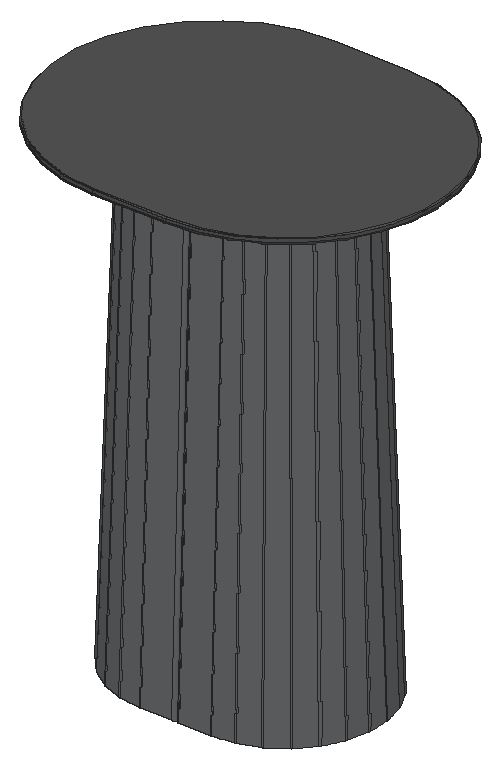
Revit family "NAU_Naughtone_Tbls_Tun", category Furniture, Revit 2018 (continued)
Definition of nested family "NAU_Naughtone_Tbls_Tun_SteelBase"
  Forms (mm)
    Blend 4, solid, material <- "BaseMaterial", visible <- "IsTUN420ST"
      base sketch origin (0, 0, 0) x (-1, 0, 0) y (0, -1, 0)
        loop
          arc (0, 101) -> (-1.172, 103.828) -> (-4, 105) r 4
          line (-4, 105) -> (-39.515, 105)
          arc (-39.515, 105) -> (-39.998, 104.985) -> (-40.479, 104.942) r 8
          line (-40.479, 104.942) -> (-64.164, 102.066)
          arc (-64.164, 102.066) -> (-65.114, 101.892) -> (-66.036, 101.604) r 8
          line (-66.036, 101.604) -> (-87.888, 93.317)
          arc (-87.888, 93.317) -> (-88.769, 92.921) -> (-89.595, 92.421) r 8
          line (-89.595, 92.421) -> (-108.829, 79.145)
          arc (-108.829, 79.145) -> (-109.589, 78.55) -> (-110.272, 77.866) r 8
          line (-110.272, 77.866) -> (-125.769, 60.374)
          arc (-125.769, 60.374) -> (-126.365, 59.613) -> (-126.865, 58.787) r 8
          line (-126.865, 58.787) -> (-137.725, 38.094)
          arc (-137.725, 38.094) -> (-138.122, 37.213) -> (-138.409, 36.29) r 8
          line (-138.409, 36.29) -> (-144.002, 13.599)
          arc (-144.002, 13.599) -> (-144.176, 12.649) -> (-144.235, 11.685) r 8
          line (-144.235, 11.685) -> (-144.235, -11.685)
          arc (-144.235, -11.685) -> (-144.176, -12.649) -> (-144.002, -13.6) r 8
          line (-144.002, -13.6) -> (-138.409, -36.291)
          arc (-138.409, -36.291) -> (-138.122, -37.213) -> (-137.725, -38.094) r 8
          line (-137.725, -38.094) -> (-126.865, -58.787)
          arc (-126.865, -58.787) -> (-126.365, -59.614) -> (-125.769, -60.374) r 8
          line (-125.769, -60.374) -> (-110.272, -77.867)
          arc (-110.272, -77.867) -> (-109.589, -78.55) -> (-108.829, -79.146) r 8
          line (-108.829, -79.146) -> (-89.595, -92.421)
          arc (-89.595, -92.421) -> (-88.769, -92.921) -> (-87.888, -93.317) r 8
          line (-87.888, -93.317) -> (-66.036, -101.605)
          arc (-66.036, -101.605) -> (-65.114, -101.892) -> (-64.164, -102.066) r 8
          line (-64.164, -102.066) -> (-40.481, -104.942)
          arc (-40.481, -104.942) -> (-40, -104.985) -> (-39.517, -105) r 8
      top sketch origin (0, 0, 0) x (-1, 0, 0) y (0, -1, 0)
        loop
          line (-39.517, -86.597) -> (-4, -86.597)
          arc (-4, -86.597) -> (-1.172, -85.425) -> (0, -82.597) r 4
          line (0, -82.597) -> (0, -48.829) -> (-2, -48.829) -> (-2, -82.589)
          arc (-2, -82.589) -> (-2.588, -84.009) -> (-4.007, -84.597) r 2.007
          line (-4.007, -84.597) -> (-39.275, -84.597)
          arc (-39.275, -84.597) -> (-39.879, -84.578) -> (-40.48, -84.524) r 10
          line (-40.48, -84.524) -> (-59.519, -82.212)
          arc (-59.519, -82.212) -> (-60.231, -82.082) -> (-60.923, -81.866) r 6
          line (-60.923, -81.866) -> (-78.626, -75.152)
          arc (-78.626, -75.152) -> (-79.287, -74.855) -> (-79.907, -74.48) r 6
          line (-79.907, -74.48) -> (-95.489, -63.724)
          arc (-95.489, -63.724) -> (-96.059, -63.278) -> (-96.571, -62.765) r 6
          line (-96.571, -62.765) -> (-109.127, -48.593)
          arc (-109.127, -48.593) -> (-109.573, -48.023) -> (-109.948, -47.403) r 6
          line (-109.948, -47.403) -> (-118.747, -30.638)
          arc (-118.747, -30.638) -> (-119.044, -29.978) -> (-119.26, -29.286) r 6
          line (-119.26, -29.286) -> (-123.922, -10.371)
          arc (-123.922, -10.371) -> (-124.055, -9.643) -> (-124.097, -8.906) r 6
          line (-124.097, -8.906) -> (-124.005, 9.881)
          arc (-124.005, 9.881) -> (-123.957, 10.611) -> (-123.821, 11.329) r 6
          line (-123.821, 11.329) -> (-119.249, 29.328)
          arc (-119.249, 29.328) -> (-119.037, 29.998) -> (-118.747, 30.639) r 6
          line (-118.747, 30.639) -> (-109.948, 47.403)
          arc (-109.948, 47.403) -> (-109.573, 48.023) -> (-109.127, 48.593) r 6
          line (-109.127, 48.593) -> (-96.571, 62.765)
          arc (-96.571, 62.765) -> (-96.059, 63.278) -> (-95.489, 63.724) r 6
          line (-95.489, 63.724) -> (-79.907, 74.48)
          arc (-79.907, 74.48) -> (-79.287, 74.855) -> (-78.626, 75.152) r 6
          line (-78.626, 75.152) -> (-60.923, 81.866)
          arc (-60.923, 81.866) -> (-60.231, 82.081) -> (-59.519, 82.212) r 6
          line (-59.519, 82.212) -> (-40.48, 84.524)
          arc (-40.48, 84.524) -> (-39.878, 84.578) -> (-39.275, 84.597) r 10
          line (-39.275, 84.597) -> (-4.007, 84.597)
          arc (-4.007, 84.597) -> (-2.588, 84.009) -> (-2, 82.589) r 2.007
          line (-2, 82.589) -> (-2, 48.829) -> (0, 48.829) -> (0, 82.597)
          arc (0, 82.597) -> (-1.172, 85.425) -> (-4, 86.597) r 4
          line (-4, 86.597) -> (-39.517, 86.597)
          arc (-39.517, 86.597) -> (-40, 86.582) -> (-40.481, 86.538) r 8
          line (-40.481, 86.538) -> (-59.76, 84.197)
          arc (-59.76, 84.197) -> (-60.71, 84.023) -> (-61.632, 83.736) r 8
          line (-61.632, 83.736) -> (-79.335, 77.022)
          arc (-79.335, 77.022) -> (-80.216, 76.626) -> (-81.043, 76.126) r 8
          line (-81.043, 76.126) -> (-96.625, 65.37)
          arc (-96.625, 65.37) -> (-97.385, 64.775) -> (-98.068, 64.091) r 8
          line (-98.068, 64.091) -> (-110.624, 49.92)
          arc (-110.624, 49.92) -> (-111.219, 49.159) -> (-111.719, 48.332) r 8
          line (-111.719, 48.332) -> (-120.518, 31.568)
          arc (-120.518, 31.568) -> (-120.904, 30.714) -> (-121.188, 29.82) r 8
          line (-121.188, 29.82) -> (-125.759, 11.821)
          arc (-125.759, 11.821) -> (-125.941, 10.863) -> (-126.005, 9.891) r 8
          line (-126.005, 9.891) -> (-126.096, -8.896)
          arc (-126.096, -8.896) -> (-126.041, -9.88) -> (-125.864, -10.849) r 8
          line (-125.864, -10.849) -> (-121.202, -29.764)
          arc (-121.202, -29.764) -> (-120.915, -30.687) -> (-120.518, -31.568) r 8
          line (-120.518, -31.568) -> (-111.719, -48.332)
          arc (-111.719, -48.332) -> (-111.219, -49.159) -> (-110.624, -49.92) r 8
          line (-110.624, -49.92) -> (-98.068, -64.092)
          arc (-98.068, -64.092) -> (-97.385, -64.775) -> (-96.625, -65.37) r 8
          line (-96.625, -65.37) -> (-81.043, -76.126)
          arc (-81.043, -76.126) -> (-80.216, -76.626) -> (-79.335, -77.022) r 8
          line (-79.335, -77.022) -> (-61.632, -83.736)
          arc (-61.632, -83.736) -> (-60.71, -84.023) -> (-59.76, -84.198) r 8
          line (-59.76, -84.198) -> (-40.481, -86.538)
          arc (-40.481, -86.538) -> (-40, -86.582) -> (-39.517, -86.597) r 8
      from 0 to 532
    Blend 5, solid, material <- "BaseMaterial", visible <- "IsTUN620ST"
      base sketch origin (0, 0, 0) x (-1, 0, 0) y (0, -1, 0)
        loop
          line (-51.619, -139.155) -> (-4, -139.155)
          arc (-4, -139.155) -> (-1.172, -137.983) -> (0, -135.155) r 4
          line (0, -135.155) -> (0, -86.478) -> (-2, -86.478) -> (-2, -135.148)
          arc (-2, -135.148) -> (-2.588, -136.567) -> (-4.007, -137.155) r 2.007
          line (-4.007, -137.155) -> (-51.526, -137.155)
          arc (-51.526, -137.155) -> (-51.944, -137.144) -> (-52.362, -137.111) r 8
          line (-52.362, -137.111) -> (-80.598, -134.143)
          arc (-80.598, -134.143) -> (-81.425, -134.012) -> (-82.234, -133.796) r 8
          line (-82.234, -133.796) -> (-107.884, -125.461)
          arc (-107.884, -125.461) -> (-108.665, -125.161) -> (-109.411, -124.781) r 8
          line (-109.411, -124.781) -> (-132.768, -111.296)
          arc (-132.768, -111.296) -> (-133.47, -110.84) -> (-134.121, -110.313) r 8
          line (-134.121, -110.313) -> (-154.163, -92.267)
          arc (-154.163, -92.267) -> (-154.755, -91.675) -> (-155.282, -91.024) r 8
          line (-155.282, -91.024) -> (-171.135, -69.205)
          arc (-171.135, -69.205) -> (-171.591, -68.503) -> (-171.971, -67.757) r 8
          line (-171.971, -67.757) -> (-182.94, -43.119)
          arc (-182.94, -43.119) -> (-183.241, -42.337) -> (-183.457, -41.528) r 8
          line (-183.457, -41.528) -> (-189.065, -15.148)
          arc (-189.065, -15.148) -> (-189.196, -14.321) -> (-189.239, -13.485) r 8
          line (-189.239, -13.485) -> (-189.239, 13.485)
          arc (-189.239, 13.485) -> (-189.196, 14.321) -> (-189.065, 15.148) r 8
          line (-189.065, 15.148) -> (-183.457, 41.528)
          arc (-183.457, 41.528) -> (-183.241, 42.337) -> (-182.94, 43.119) r 8
          line (-182.94, 43.119) -> (-171.971, 67.757)
          arc (-171.971, 67.757) -> (-171.591, 68.503) -> (-171.135, 69.205) r 8
          line (-171.135, 69.205) -> (-155.282, 91.024)
          arc (-155.282, 91.024) -> (-154.755, 91.675) -> (-154.163, 92.267) r 8
          line (-154.163, 92.267) -> (-134.121, 110.313)
          arc (-134.121, 110.313) -> (-133.47, 110.84) -> (-132.768, 111.296) r 8
          line (-132.768, 111.296) -> (-109.412, 124.781)
          arc (-109.412, 124.781) -> (-108.665, 125.161) -> (-107.884, 125.461) r 8
          line (-107.884, 125.461) -> (-82.234, 133.795)
          arc (-82.234, 133.795) -> (-81.425, 134.012) -> (-80.598, 134.143) r 8
          line (-80.598, 134.143) -> (-52.362, 137.111)
          arc (-52.362, 137.111) -> (-51.944, 137.144) -> (-51.525, 137.155) r 8
          line (-51.525, 137.155) -> (-4.007, 137.155)
          arc (-4.007, 137.155) -> (-2.588, 136.567) -> (-2, 135.148) r 2.007
          line (-2, 135.148) -> (-2, 86.478) -> (0, 86.478) -> (0, 135.155)
          arc (0, 135.155) -> (-1.172, 137.983) -> (-4, 139.155) r 4
          line (-4, 139.155) -> (-51.619, 139.155)
          arc (-51.619, 139.155) -> (-52.037, 139.144) -> (-52.455, 139.111) r 8
          line (-52.455, 139.111) -> (-81.016, 136.109)
          arc (-81.016, 136.109) -> (-81.843, 135.978) -> (-82.652, 135.761) r 8
          line (-82.652, 135.761) -> (-108.701, 127.297)
          arc (-108.701, 127.297) -> (-109.483, 126.997) -> (-110.229, 126.617) r 8
          line (-110.229, 126.617) -> (-133.949, 112.922)
          arc (-133.949, 112.922) -> (-134.652, 112.466) -> (-135.302, 111.939) r 8
          line (-135.302, 111.939) -> (-155.657, 93.612)
          arc (-155.657, 93.612) -> (-156.249, 93.02) -> (-156.776, 92.369) r 8
          line (-156.776, 92.369) -> (-172.875, 70.21)
          arc (-172.875, 70.21) -> (-173.331, 69.508) -> (-173.712, 68.762) r 8
          line (-173.712, 68.762) -> (-184.852, 43.74)
          arc (-184.852, 43.74) -> (-185.152, 42.958) -> (-185.369, 42.149) r 8
          line (-185.369, 42.149) -> (-191.063, 15.358)
          arc (-191.063, 15.358) -> (-191.194, 14.531) -> (-191.238, 13.695) r 8
          line (-191.238, 13.695) -> (-191.238, -13.695)
          arc (-191.238, -13.695) -> (-191.194, -14.531) -> (-191.063, -15.358) r 8
          line (-191.063, -15.358) -> (-185.369, -42.149)
          arc (-185.369, -42.149) -> (-185.152, -42.958) -> (-184.852, -43.74) r 8
          line (-184.852, -43.74) -> (-173.711, -68.762)
          arc (-173.711, -68.762) -> (-173.331, -69.508) -> (-172.875, -70.21) r 8
          line (-172.875, -70.21) -> (-156.776, -92.369)
          arc (-156.776, -92.369) -> (-156.249, -93.02) -> (-155.657, -93.612) r 8
          line (-155.657, -93.612) -> (-135.302, -111.939)
          arc (-135.302, -111.939) -> (-134.651, -112.466) -> (-133.949, -112.922) r 8
          line (-133.949, -112.922) -> (-110.229, -126.617)
          arc (-110.229, -126.617) -> (-109.483, -126.997) -> (-108.701, -127.297) r 8
          line (-108.701, -127.297) -> (-82.652, -135.761)
          arc (-82.652, -135.761) -> (-81.843, -135.978) -> (-81.016, -136.109) r 8
          line (-81.016, -136.109) -> (-52.455, -139.111)
          arc (-52.455, -139.111) -> (-52.038, -139.144) -> (-51.619, -139.155) r 8
      top sketch origin (0, 0, 0) x (-1, 0, 0) y (0, -1, 0)
        loop
          line (-52.521, -124.149) -> (-4, -124.149)
          arc (-4, -124.149) -> (-1.172, -122.978) -> (0, -120.149) r 4
          line (0, -120.149) -> (0, -86.382) -> (-2, -86.382) -> (-2, -120.142)
          arc (-2, -120.142) -> (-2.588, -121.561) -> (-4.007, -122.149) r 2.007
          line (-4.007, -122.149) -> (-52.416, -122.149)
          arc (-52.416, -122.149) -> (-52.835, -122.138) -> (-53.253, -122.105) r 8
          line (-53.253, -122.105) -> (-77.498, -119.557)
          arc (-77.498, -119.557) -> (-78.325, -119.426) -> (-79.134, -119.209) r 8
          line (-79.134, -119.209) -> (-101.819, -111.839)
          arc (-101.819, -111.839) -> (-102.6, -111.539) -> (-103.346, -111.158) r 8
          line (-103.346, -111.158) -> (-124.003, -99.232)
          arc (-124.003, -99.232) -> (-124.705, -98.776) -> (-125.356, -98.249) r 8
          line (-125.356, -98.249) -> (-143.082, -82.289)
          arc (-143.082, -82.289) -> (-143.674, -81.697) -> (-144.201, -81.046) r 8
          line (-144.201, -81.046) -> (-158.221, -61.75)
          arc (-158.221, -61.75) -> (-158.677, -61.047) -> (-159.057, -60.301) r 8
          line (-159.057, -60.301) -> (-168.758, -38.511)
          arc (-168.758, -38.511) -> (-169.058, -37.729) -> (-169.275, -36.921) r 8
          line (-169.275, -36.921) -> (-174.368, -12.959)
          arc (-174.368, -12.959) -> (-174.499, -12.132) -> (-174.543, -11.296) r 8
          line (-174.543, -11.296) -> (-174.543, 11.934)
          arc (-174.543, 11.934) -> (-174.497, 12.792) -> (-174.359, 13.64) r 8
          line (-174.359, 13.64) -> (-169.268, 36.958)
          arc (-169.268, 36.958) -> (-169.054, 37.745) -> (-168.76, 38.506) r 8
          line (-168.76, 38.506) -> (-159.057, 60.3)
          arc (-159.057, 60.3) -> (-158.677, 61.046) -> (-158.221, 61.749) r 8
          line (-158.221, 61.749) -> (-144.201, 81.046)
          arc (-144.201, 81.046) -> (-143.674, 81.696) -> (-143.082, 82.288) r 8
          line (-143.082, 82.288) -> (-125.356, 98.249)
          arc (-125.356, 98.249) -> (-124.705, 98.775) -> (-124.003, 99.232) r 8
          line (-124.003, 99.232) -> (-103.347, 111.158)
          arc (-103.347, 111.158) -> (-102.6, 111.538) -> (-101.819, 111.838) r 8
          line (-101.819, 111.838) -> (-79.134, 119.209)
          arc (-79.134, 119.209) -> (-78.325, 119.425) -> (-77.498, 119.556) r 8
          line (-77.498, 119.556) -> (-53.241, 122.106)
          arc (-53.241, 122.106) -> (-52.823, 122.139) -> (-52.405, 122.15) r 8
          line (-52.405, 122.15) -> (-4.007, 122.15)
          arc (-4.007, 122.15) -> (-2.588, 121.562) -> (-2, 120.142) r 2.007
          line (-2, 120.142) -> (-2, 86.382) -> (0, 86.382) -> (0, 120.15)
          arc (0, 120.15) -> (-1.172, 122.978) -> (-4, 124.15) r 4
          line (-4, 124.15) -> (-52.51, 124.15)
          arc (-52.51, 124.15) -> (-52.928, 124.139) -> (-53.346, 124.106) r 8
          line (-53.346, 124.106) -> (-77.916, 121.523)
          arc (-77.916, 121.523) -> (-78.743, 121.392) -> (-79.552, 121.176) r 8
          line (-79.552, 121.176) -> (-102.637, 113.675)
          arc (-102.637, 113.675) -> (-103.418, 113.375) -> (-104.164, 112.995) r 8
          line (-104.164, 112.995) -> (-125.185, 100.859)
          arc (-125.185, 100.859) -> (-125.887, 100.402) -> (-126.538, 99.875) r 8
          line (-126.538, 99.875) -> (-144.576, 83.634)
          arc (-144.576, 83.634) -> (-145.168, 83.042) -> (-145.695, 82.391) r 8
          line (-145.695, 82.391) -> (-159.962, 62.754)
          arc (-159.962, 62.754) -> (-160.418, 62.052) -> (-160.798, 61.306) r 8
          line (-160.798, 61.306) -> (-170.671, 39.132)
          arc (-170.671, 39.132) -> (-170.964, 38.372) -> (-171.178, 37.585) r 8
          line (-171.178, 37.585) -> (-176.359, 13.856)
          arc (-176.359, 13.856) -> (-176.497, 13.008) -> (-176.543, 12.149) r 8
          line (-176.543, 12.149) -> (-176.543, -11.506)
          arc (-176.543, -11.506) -> (-176.499, -12.342) -> (-176.368, -13.169) r 8
          line (-176.368, -13.169) -> (-171.188, -37.542)
          arc (-171.188, -37.542) -> (-170.971, -38.351) -> (-170.671, -39.133) r 8
          line (-170.671, -39.133) -> (-160.798, -61.307)
          arc (-160.798, -61.307) -> (-160.418, -62.053) -> (-159.962, -62.755) r 8
          line (-159.962, -62.755) -> (-145.695, -82.392)
          arc (-145.695, -82.392) -> (-145.168, -83.043) -> (-144.576, -83.635) r 8
          line (-144.576, -83.635) -> (-126.538, -99.876)
          arc (-126.538, -99.876) -> (-125.887, -100.403) -> (-125.185, -100.859) r 8
          line (-125.185, -100.859) -> (-104.164, -112.996)
          arc (-104.164, -112.996) -> (-103.418, -113.376) -> (-102.637, -113.676) r 8
          line (-102.637, -113.676) -> (-79.552, -121.176)
          arc (-79.552, -121.176) -> (-78.743, -121.393) -> (-77.916, -121.524) r 8
          line (-77.916, -121.524) -> (-53.357, -124.105)
          arc (-53.357, -124.105) -> (-52.94, -124.138) -> (-52.521, -124.149) r 8
      from 0 to 432
    Blend 6, solid, material <- "BaseMaterial", visible <- "IsTUN920ST"
      base sketch origin (0, 0, 0) x (-1, 0, 0) y (0, -1, 0)
        loop
          line (-108.056, -174.966) -> (-4, -174.966)
          arc (-4, -174.966) -> (-1.172, -173.794) -> (0, -170.966) r 4
          line (0, -170.966) -> (0, -125.813) -> (-2, -125.813) -> (-2, -170.959)
          arc (-2, -170.959) -> (-2.588, -172.378) -> (-4.007, -172.966) r 2.007
          line (-4.007, -172.966) -> (-107.976, -172.966)
          arc (-107.976, -172.966) -> (-108.438, -172.955) -> (-108.899, -172.923) r 10
          line (-108.899, -172.923) -> (-139.199, -170.116)
          arc (-139.199, -170.116) -> (-139.931, -170.013) -> (-140.65, -169.844) r 8
          line (-140.65, -169.844) -> (-169.929, -161.514)
          arc (-169.929, -161.514) -> (-170.63, -161.279) -> (-171.306, -160.98) r 8
          line (-171.306, -160.98) -> (-198.555, -147.412)
          arc (-198.555, -147.412) -> (-199.201, -147.052) -> (-199.81, -146.635) r 8
          line (-199.81, -146.635) -> (-224.103, -128.29)
          arc (-224.103, -128.29) -> (-224.671, -127.818) -> (-225.194, -127.295) r 8
          line (-225.194, -127.295) -> (-245.702, -104.799)
          arc (-245.702, -104.799) -> (-246.174, -104.231) -> (-246.591, -103.621) r 8
          line (-246.591, -103.621) -> (-262.616, -77.74)
          arc (-262.616, -77.74) -> (-262.976, -77.094) -> (-263.274, -76.418) r 8
          line (-263.274, -76.418) -> (-274.271, -48.033)
          arc (-274.271, -48.033) -> (-274.506, -47.332) -> (-274.675, -46.613) r 8
          line (-274.675, -46.613) -> (-280.268, -16.69)
          arc (-280.268, -16.69) -> (-280.371, -15.959) -> (-280.405, -15.22) r 8
          line (-280.405, -15.22) -> (-280.405, 15.22)
          arc (-280.405, 15.22) -> (-280.371, 15.959) -> (-280.268, 16.69) r 8
          line (-280.268, 16.69) -> (-274.675, 46.613)
          arc (-274.675, 46.613) -> (-274.506, 47.332) -> (-274.271, 48.033) r 8
          line (-274.271, 48.033) -> (-263.274, 76.418)
          arc (-263.274, 76.418) -> (-262.976, 77.094) -> (-262.616, 77.74) r 8
          line (-262.616, 77.74) -> (-246.591, 103.621)
          arc (-246.591, 103.621) -> (-246.174, 104.231) -> (-245.702, 104.799) r 8
          line (-245.702, 104.799) -> (-225.194, 127.295)
          arc (-225.194, 127.295) -> (-224.671, 127.818) -> (-224.103, 128.29) r 8
          line (-224.103, 128.29) -> (-199.81, 146.635)
          arc (-199.81, 146.635) -> (-199.201, 147.052) -> (-198.555, 147.412) r 8
          line (-198.555, 147.412) -> (-171.306, 160.98)
          arc (-171.306, 160.98) -> (-170.63, 161.279) -> (-169.929, 161.514) r 8
          line (-169.929, 161.514) -> (-140.65, 169.844)
          arc (-140.65, 169.844) -> (-139.931, 170.013) -> (-139.199, 170.116) r 8
          line (-139.199, 170.116) -> (-108.899, 172.923)
          arc (-108.899, 172.923) -> (-108.438, 172.955) -> (-107.976, 172.966) r 10
          line (-107.976, 172.966) -> (-4.007, 172.966)
          arc (-4.007, 172.966) -> (-2.588, 172.378) -> (-2, 170.959) r 2.007
          line (-2, 170.959) -> (-2, 125.813) -> (0, 125.813) -> (0, 170.966)
          arc (0, 170.966) -> (-1.172, 173.794) -> (-4, 174.966) r 4
          line (-4, 174.966) -> (-108.056, 174.966)
          arc (-108.056, 174.966) -> (-108.518, 174.955) -> (-108.978, 174.923) r 10
          line (-108.978, 174.923) -> (-139.568, 172.089)
          arc (-139.568, 172.089) -> (-140.3, 171.987) -> (-141.019, 171.817) r 8
          line (-141.019, 171.817) -> (-170.654, 163.386)
          arc (-170.654, 163.386) -> (-171.355, 163.151) -> (-172.031, 162.852) r 8
          line (-172.031, 162.852) -> (-199.612, 149.118)
          arc (-199.612, 149.118) -> (-200.258, 148.759) -> (-200.867, 148.341) r 8
          line (-200.867, 148.341) -> (-225.455, 129.773)
          arc (-225.455, 129.773) -> (-226.024, 129.301) -> (-226.546, 128.779) r 8
          line (-226.546, 128.779) -> (-247.304, 106.009)
          arc (-247.304, 106.009) -> (-247.776, 105.44) -> (-248.193, 104.831) r 8
          line (-248.193, 104.831) -> (-264.413, 78.635)
          arc (-264.413, 78.635) -> (-264.773, 77.989) -> (-265.071, 77.313) r 8
          line (-265.071, 77.313) -> (-276.202, 48.582)
          arc (-276.202, 48.582) -> (-276.437, 47.881) -> (-276.606, 47.162) r 8
          line (-276.606, 47.162) -> (-282.267, 16.876)
          arc (-282.267, 16.876) -> (-282.369, 16.144) -> (-282.403, 15.406) r 8
          line (-282.403, 15.406) -> (-282.403, -15.406)
          arc (-282.403, -15.406) -> (-282.369, -16.144) -> (-282.267, -16.876) r 8
          line (-282.267, -16.876) -> (-276.606, -47.162)
          arc (-276.606, -47.162) -> (-276.437, -47.881) -> (-276.202, -48.582) r 8
          line (-276.202, -48.582) -> (-265.071, -77.313)
          arc (-265.071, -77.313) -> (-264.773, -77.989) -> (-264.413, -78.635) r 8
          line (-264.413, -78.635) -> (-248.193, -104.831)
          arc (-248.193, -104.831) -> (-247.776, -105.44) -> (-247.304, -106.009) r 8
          line (-247.304, -106.009) -> (-226.546, -128.779)
          arc (-226.546, -128.779) -> (-226.024, -129.301) -> (-225.455, -129.773) r 8
          line (-225.455, -129.773) -> (-200.867, -148.341)
          arc (-200.867, -148.341) -> (-200.258, -148.759) -> (-199.612, -149.118) r 8
          line (-199.612, -149.118) -> (-172.031, -162.852)
          arc (-172.031, -162.852) -> (-171.355, -163.151) -> (-170.654, -163.386) r 8
          line (-170.654, -163.386) -> (-141.019, -171.817)
          arc (-141.019, -171.817) -> (-140.3, -171.987) -> (-139.568, -172.089) r 8
          line (-139.568, -172.089) -> (-108.978, -174.923)
          arc (-108.978, -174.923) -> (-108.518, -174.955) -> (-108.056, -174.966) r 10
      top sketch origin (0, 0, 0) x (-1, 0, 0) y (0, -1, 0)
        loop
          line (-107.688, -163.581) -> (-4, -163.581)
          arc (-4, -163.581) -> (-1.172, -162.409) -> (0, -159.581) r 4
          line (0, -159.581) -> (0, -125.813) -> (-2, -125.813) -> (-2, -159.574)
          arc (-2, -159.574) -> (-2.588, -160.993) -> (-4.007, -161.581) r 2.007
          line (-4.007, -161.581) -> (-107.608, -161.581)
          arc (-107.608, -161.581) -> (-108.07, -161.57) -> (-108.531, -161.538) r 10
          line (-108.531, -161.538) -> (-137.101, -158.891)
          arc (-137.101, -158.891) -> (-137.833, -158.789) -> (-138.552, -158.62) r 8
          line (-138.552, -158.62) -> (-165.804, -150.866)
          arc (-165.804, -150.866) -> (-166.505, -150.631) -> (-167.181, -150.332) r 8
          line (-167.181, -150.332) -> (-192.544, -137.703)
          arc (-192.544, -137.703) -> (-193.189, -137.343) -> (-193.799, -136.926) r 8
          line (-193.799, -136.926) -> (-216.41, -119.851)
          arc (-216.41, -119.851) -> (-216.978, -119.379) -> (-217.501, -118.856) r 8
          line (-217.501, -118.856) -> (-236.589, -97.918)
          arc (-236.589, -97.918) -> (-237.061, -97.349) -> (-237.479, -96.74) r 8
          line (-237.479, -96.74) -> (-252.394, -72.65)
          arc (-252.394, -72.65) -> (-252.754, -72.004) -> (-253.053, -71.328) r 8
          line (-253.053, -71.328) -> (-263.288, -44.908)
          arc (-263.288, -44.908) -> (-263.523, -44.207) -> (-263.692, -43.488) r 8
          line (-263.692, -43.488) -> (-269.031, -14.926)
          arc (-269.031, -14.926) -> (-269.134, -14.188) -> (-269.167, -13.444) r 8
          line (-269.167, -13.444) -> (-269.124, 13.702)
          arc (-269.124, 13.702) -> (-269.089, 14.434) -> (-268.987, 15.159) r 8
          line (-268.987, 15.159) -> (-263.692, 43.488)
          arc (-263.692, 43.488) -> (-263.523, 44.207) -> (-263.288, 44.908) r 8
          line (-263.288, 44.908) -> (-253.053, 71.328)
          arc (-253.053, 71.328) -> (-252.754, 72.004) -> (-252.394, 72.65) r 8
          line (-252.394, 72.65) -> (-237.479, 96.74)
          arc (-237.479, 96.74) -> (-237.061, 97.349) -> (-236.589, 97.918) r 8
          line (-236.589, 97.918) -> (-217.501, 118.857)
          arc (-217.501, 118.857) -> (-216.978, 119.379) -> (-216.41, 119.851) r 8
          line (-216.41, 119.851) -> (-193.799, 136.926)
          arc (-193.799, 136.926) -> (-193.189, 137.344) -> (-192.544, 137.703) r 8
          line (-192.544, 137.703) -> (-167.181, 150.332)
          arc (-167.181, 150.332) -> (-166.505, 150.631) -> (-165.804, 150.866) r 8
          line (-165.804, 150.866) -> (-138.552, 158.62)
          arc (-138.552, 158.62) -> (-137.833, 158.789) -> (-137.101, 158.891) r 8
          line (-137.101, 158.891) -> (-108.532, 161.538)
          arc (-108.532, 161.538) -> (-108.072, 161.57) -> (-107.61, 161.581) r 10
          line (-107.61, 161.581) -> (-4.007, 161.581)
          arc (-4.007, 161.581) -> (-2.588, 160.993) -> (-2, 159.574) r 2.007
          line (-2, 159.574) -> (-2, 125.813) -> (0, 125.813) -> (0, 159.581)
          arc (0, 159.581) -> (-1.172, 162.409) -> (-4, 163.581) r 4
          line (-4, 163.581) -> (-107.689, 163.581)
          arc (-107.689, 163.581) -> (-108.151, 163.57) -> (-108.612, 163.538) r 10
          line (-108.612, 163.538) -> (-137.47, 160.864)
          arc (-137.47, 160.864) -> (-138.202, 160.762) -> (-138.921, 160.593) r 8
          line (-138.921, 160.593) -> (-166.529, 152.738)
          arc (-166.529, 152.738) -> (-167.23, 152.503) -> (-167.906, 152.204) r 8
          line (-167.906, 152.204) -> (-193.601, 139.41)
          arc (-193.601, 139.41) -> (-194.246, 139.05) -> (-194.856, 138.633) r 8
          line (-194.856, 138.633) -> (-217.762, 121.335)
          arc (-217.762, 121.335) -> (-218.331, 120.862) -> (-218.853, 120.34) r 8
          line (-218.853, 120.34) -> (-238.191, 99.127)
          arc (-238.191, 99.127) -> (-238.663, 98.559) -> (-239.081, 97.949) r 8
          line (-239.081, 97.949) -> (-254.191, 73.545)
          arc (-254.191, 73.545) -> (-254.551, 72.899) -> (-254.849, 72.223) r 8
          line (-254.849, 72.223) -> (-265.218, 45.457)
          arc (-265.218, 45.457) -> (-265.453, 44.757) -> (-265.622, 44.038) r 8
          line (-265.622, 44.038) -> (-270.94, 15.593)
          arc (-270.94, 15.593) -> (-271.041, 14.873) -> (-271.076, 14.148) r 8
          line (-271.076, 14.148) -> (-271.165, -13.621)
          arc (-271.165, -13.621) -> (-271.132, -14.372) -> (-271.029, -15.116) r 8
          line (-271.029, -15.116) -> (-265.622, -44.037)
          arc (-265.622, -44.037) -> (-265.453, -44.757) -> (-265.218, -45.457) r 8
          line (-265.218, -45.457) -> (-254.849, -72.223)
          arc (-254.849, -72.223) -> (-254.551, -72.899) -> (-254.191, -73.545) r 8
          line (-254.191, -73.545) -> (-239.081, -97.949)
          arc (-239.081, -97.949) -> (-238.663, -98.559) -> (-238.191, -99.127) r 8
          line (-238.191, -99.127) -> (-218.853, -120.34)
          arc (-218.853, -120.34) -> (-218.331, -120.862) -> (-217.762, -121.334) r 8
          line (-217.762, -121.334) -> (-194.856, -138.632)
          arc (-194.856, -138.632) -> (-194.246, -139.05) -> (-193.601, -139.41) r 8
          line (-193.601, -139.41) -> (-167.906, -152.204)
          arc (-167.906, -152.204) -> (-167.23, -152.503) -> (-166.529, -152.737) r 8
          line (-166.529, -152.737) -> (-138.921, -160.593)
          arc (-138.921, -160.593) -> (-138.202, -160.762) -> (-137.47, -160.864) r 8
          line (-137.47, -160.864) -> (-108.61, -163.538)
          arc (-108.61, -163.538) -> (-108.15, -163.57) -> (-107.688, -163.581) r 10
      from 0 to 331.866
  Dimensions and locks
    Blend 3 sketch curve to Blend 3 sketch curve to Blend 3 sketch curve to Blend 3 sketch curve to Blend 3 sketch curve to Blend 3 sketch curve = 2 mm locked, 35.767 mm locked, 97.659 mm, 35.767 mm locked, 2 mm locked
    Blend 3 sketch curve to Blend 3 sketch curve to Blend 3 sketch curve to Blend 3 sketch curve to Blend 3 sketch curve to Blend 3 sketch curve = 0 mm, 0.007 mm, 0 mm locked, 2 mm locked, 0 mm locked
    Blend 3 sketch curve to Blend 3 sketch curve to Blend 3 sketch curve to Blend 3 sketch curve to Blend 3 sketch curve to Blend 3 sketch curve = 0 mm locked, 0.007 mm locked, 0 mm locked, 2 mm locked, 0 mm locked
    Blend 4 sketch curve to Blend 4 sketch curve to Blend 4 sketch curve to Blend 4 sketch curve to Blend 4 sketch curve to Blend 4 sketch curve = 2 mm locked, 35.767 mm locked, 97.659 mm, 35.767 mm locked, 2 mm locked
    Blend 4 sketch curve to Blend 4 sketch curve to Blend 4 sketch curve to Blend 4 sketch curve to Blend 4 sketch curve to Blend 4 sketch curve = 0 mm locked, 0.007 mm locked, 0 mm locked, 2 mm locked, 0 mm locked  (x2)
    aligned and locked: level to plane 2
Types (7, lengths in mm): name | Size | Radius | NominalWidth | NominalLength | NominalHeight | ModelReference | ModelNumber | Model | IsTUN920UP | IsTUN920ST | IsTUN620UP | IsTUN620ST | IsTUN420UP | IsTUN420ST | Description
  (no name) | "422 x 340 x 550mm" | 170 | 340 | 422 | 550 | "Tun 420 Side Table Steel Base" | "TUN420ST" | "TUN420ST" | no | no | no | no | no | yes | "Tun 420 Side Table Steel Base"
  Tun 920 Coffee Table Upholstered Base | "916 x 566 x 350mm" | 283 | 566 | 916 | 350 | "Tun 920 Coffee Table Upholstered Base" | "TUN920UP" | "TUN920UP" | yes | no | no | no | no | no | "Tun 920 Coffee Table Upholstered Base"
  Tun 920 Coffee Table Steel Base | "916 x 566 x 350mm" | 283 | 566 | 916 | 350 | "Tun 920 Coffee Table Steel Base" | "TUN920ST" | "TUN920ST" | no | yes | no | no | no | no | "Tun 920 Coffee Table Steel Base"
  Tun 620 Side Table Steel Base | "622 x 450 x 450mm" | 225 | 450 | 622 | 450 | "Tun 620 Side Table Steel Base" | "TUN620ST" | "TUN620ST" | no | no | no | yes | no | no | "Tun 620 Side Table Steel Base"
  Tun 620 Side Table Upholstered Base | "622 x 450 x 450mm" | 225 | 450 | 622 | 450 | "Tun 620 Side Table Upholstered Base" | "TUN620UP" | "TUN620UP" | no | no | yes | no | no | no | "Tun 620 Side Table Upholstered Base"
  Tun 420 Side Table Steel Base | "422 x 340 x 550mm" | 170 | 340 | 422 | 550 | "Tun 420 Side Table Steel Base" | "TUN420ST" | "TUN420ST" | no | no | no | no | no | yes | "Tun 420 Side Table Steel Base"
  Tun 420 Side Table Upholstered Base | "422 x 340 x 550mm" | 170 | 340 | 422 | 550 | "Tun 420 Side Table Upholstered Base" | "TUN420UP" | "TUN420UP" | no | no | no | no | yes | no | "Tun 420 Side Table Upholstered Base"
